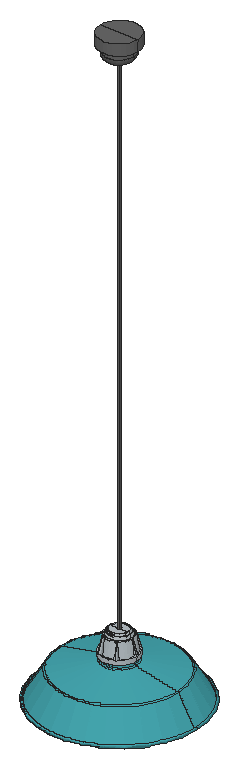
Revit family "Urban Warehouse WFU5 14,16,18,20,22", category Lighting Fixtures, Revit 2020 (continued)
Definition of nested family "WFU514_1"
  Definition of nested family "WFU514"
    Forms (in)
      Revolve 2, solid, material <- "Body", visible <- "WFU514"
        sketch origin (0, 0, 0) x (1, 0, 0) y (0, 0, 1)
          loop
            line (-1.93301, 3.9271) -> (-1.99322, 3.9271) -> (-2.24397, 3.6771) -> (-2.24397, 3.2571)
            arc (-2.24397, 3.2571) -> (-2.27238, 3.17796) -> (-2.34443, 3.1346) r 0.12529
            line (-2.34443, 3.1346) -> (-5.24868, 2.54733)
            arc (-5.24868, 2.54733) -> (-5.31225, 2.52069) -> (-5.36071, 2.47167) r 0.17586
            line (-5.36071, 2.47167) -> (-6.82096, 0.09981)
            arc (-6.82096, 0.09981) -> (-6.84957, 0.07221) -> (-6.88791, 0.06175) r 0.08006
            arc (-6.88791, 0.06175) -> (-6.93822, 0.1184) -> (-6.8747, 0.1597) r 0.04998
            line (-6.8747, 0.1597) -> (-6.85722, 0.21971)
            arc (-6.85722, 0.21971) -> (-7.00016, 0.12675) -> (-6.88694, -0.00075) r 0.11248
            arc (-6.88694, -0.00075) -> (-6.81903, 0.01768) -> (-6.76821, 0.06634) r 0.14256
            line (-6.76821, 0.06634) -> (-5.30851, 2.4373)
            arc (-5.30851, 2.4373) -> (-5.27727, 2.4689) -> (-5.2363, 2.48607) r 0.11336
            line (-5.2363, 2.48607) -> (-2.33204, 3.07334)
            arc (-2.33204, 3.07334) -> (-2.22401, 3.13838) -> (-2.18147, 3.2571) r 0.18779
            line (-2.18147, 3.2571) -> (-2.18147, 3.65116) -> (-1.96803, 3.8646) -> (-1.93301, 3.8646) -> (-1.93301, 3.9271)
          axis (0, 3.9271) -> (0, -0.00075)
        angle from 0 to 360
      Revolve 3, solid, material <- "HUB"
        sketch origin (0, 0, 0) x (1, 0, 0) y (0, 0, 1)
          loop
            line (2.24058, 3.89383) -> (2.49108, 3.89383) -> (1.92916, 5.84307) -> (1.87916, 5.84307) -> (2.24058, 3.89383)
          axis (1.87916, 5.84307) -> (2.24891, 3.84893)
        angle from 0 to 360
      Revolve 4, solid, material <- "HUB"
        sketch origin (0, 0, 0) x (-1, 0, 0) y (0, 0, 1)
          loop
            line (2.24058, 3.89383) -> (2.49108, 3.89383) -> (1.92916, 5.84307) -> (1.87916, 5.84307) -> (2.24058, 3.89383)
          axis (1.87916, 5.84307) -> (2.24891, 3.84893)
        angle from 0 to 360
      Revolve 5, solid, material <- "HUB"
        sketch origin (0, 0, 0) x (0.5, 0.866025, 0) y (0, 0, 1)
          loop
            line (2.24058, 3.89383) -> (2.49108, 3.89383) -> (1.92916, 5.84307) -> (1.87916, 5.84307) -> (2.24058, 3.89383)
          axis (1.87916, 5.84307) -> (2.24891, 3.84893)
        angle from 0 to 360
      Revolve 6, solid, material <- "HUB"
        sketch origin (0, 0, 0) x (-0.5, -0.866025, 0) y (0, 0, 1)
          loop
            line (2.24058, 3.89383) -> (2.49108, 3.89383) -> (1.92916, 5.84307) -> (1.87916, 5.84307) -> (2.24058, 3.89383)
          axis (1.87916, 5.84307) -> (2.24891, 3.84893)
        angle from 0 to 360
      Revolve 7, solid, material <- "HUB"
        sketch origin (0, 0, 0) x (-0.5, 0.866025, 0) y (0, 0, 1)
          loop
            line (2.24058, 3.89383) -> (2.49108, 3.89383) -> (1.92916, 5.84307) -> (1.87916, 5.84307) -> (2.24058, 3.89383)
          axis (1.87916, 5.84307) -> (2.24891, 3.84893)
        angle from 0 to 360
      Revolve 8, solid, material <- "HUB"
        sketch origin (0, 0, 0) x (0.5, -0.866025, 0) y (0, 0, 1)
          loop
            line (2.24058, 3.89383) -> (2.49108, 3.89383) -> (1.92916, 5.84307) -> (1.87916, 5.84307) -> (2.24058, 3.89383)
          axis (1.87916, 5.84307) -> (2.24891, 3.84893)
        angle from 0 to 360
    Dimensions and locks (in)
      plane 4 to plane 2 = 0' - 6 5/8"
      plane 5 to plane 3 "Center (Left/Right)" = 0' - 7"
      aligned and locked: plane 2 to level
Types (6): name | a | Weight | WFU522 | WFU520 | WFU518 | WFU516 | WFU514 | URL | Model | Fixture Height | Fixture Diameter
  (no name) | 0' - 10" | "5.7 lb" | yes | no | no | no | no | "https://www.anplighting.com/assets/Uploads/product-attachments/specification-sheets/ANP-Specification-Sheet-INC-WFU522.pdf" | "WFU522" | 0' - 9 1/8" | 1' - 10"
  WFU514 | 0' - 8" | "3.7 lb" | no | no | no | no | yes | "https://www.anplighting.com/assets/Uploads/product-attachments/specification-sheets/ANP-Specification-Sheet-INC-WFU514.pdf" | "WFU514" | 0' - 6 5/8" | 1' - 2"
  WFU516 | 0' - 8 1/2" | "4.2 lb" | no | no | no | yes | no | "https://www.anplighting.com/assets/Uploads/product-attachments/specification-sheets/ANP-Specification-Sheet-INC-WFU516.pdf" | "WFU516" | 0' - 7 1/4" | 1' - 4"
  WFU518 | 0' - 9" | "4.7 lb" | no | no | yes | no | no | "https://www.anplighting.com/assets/Uploads/product-attachments/specification-sheets/ANP-Specification-Sheet-INC-WFU518.pdf" | "WFU518" | 0' - 7 7/8" | 1' - 6"
  WFU520 | 0' - 10" | "5.2 lb" | no | yes | no | no | no | "https://www.anplighting.com/assets/Uploads/product-attachments/specification-sheets/ANP-Specification-Sheet-INC-WFU520.pdf" | "WFU520" | 0' - 8 1/2" | 1' - 8"
  WFU522 | 0' - 10" | "5.7 lb" | yes | no | no | no | no | "https://www.anplighting.com/assets/Uploads/product-attachments/specification-sheets/ANP-Specification-Sheet-INC-WFU522.pdf" | "WFU522" | 0' - 9 1/8" | 1' - 10"
